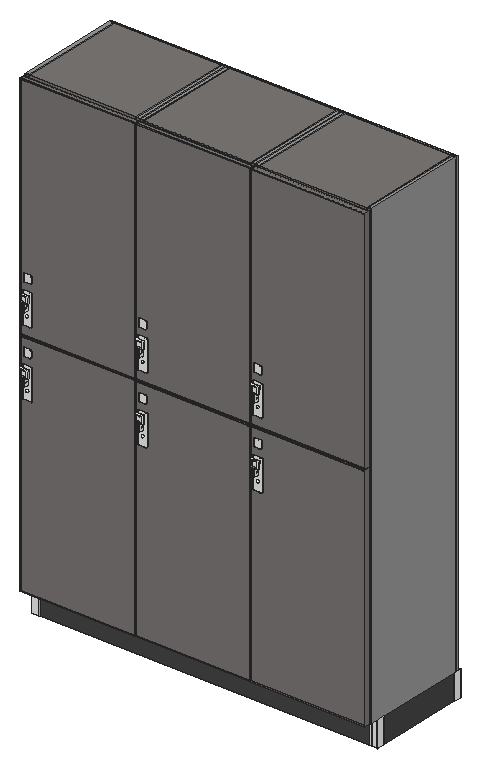
Revit family "Wood_Lockers_Hasps-Salsbury_Industries-18_42000_Series-3_Wide_Units.rfa", category Specialty Equipment, Revit 2016 (continued)
Definition of nested family "Wood Locker Flat Corner Fillers"
  Automatic sketch dimensions
    plane 6 "Front Side" to Extrusion 2 sketch curve = 0.000"
    Extrusion 2 sketch curve to plane 11 = 0.000"
    Extrusion 2 sketch curve to plane 4 "Right Side" = 0.000"
    Extrusion 2 sketch curve to plane 12 = 0.000"
    plane 7 "Back Side" to Extrusion 2 sketch curve = 0.000"
    Extrusion 1 sketch curve to plane 5 "Left Side" = 0.000"
    plane 7 "Back Side" to Extrusion 1 sketch curve = 0.000"
    Extrusion 1 sketch curve to plane 12 = 0.000"
    Extrusion 1 sketch curve to plane 4 "Right Side" = 0.000"
    plane 6 "Front Side" to Extrusion 1 sketch curve = 0.000"
    Extrusion 1 sketch curve to plane 11 = 0.000"
Definition of nested family "Wood Locker Side Panels-No Slope"
  Parameters (values of type "44237 - 6' H for 24"D Lockers")
    Width = 23.625"
    Visible = yes
    Version = "1.0 (12/15/23)"
    Type Comments = "Side Panel for Premier Wood Lockers without Sloping Hood"
    Model = "44237"
    Manufacturer = "Salsbury Industries"
    Laminate Surface = none
    Height = 72.000"
    Door Trim = none
    Description = "6' H for 21\" D Lockers"
    Depth = 0.750"
  Types (6): name | Width | Visible | Version | Type Comments | Model | Manufacturer | Description
    (no name) | 23.625" | yes | "1.0 (12/15/23)" | "Side Panel for Premier Wood Lockers without Sloping Hood" | "44237" | "Salsbury Industries" | "6' H for 21\" D Lockers"
    44330 - 6' H for 15"D Lockers | 14.625" | yes | "1.0 (12/15/23)" | "Side Panel for Premier Wood Lockers without Sloping Hood" | "44330" | "Salsbury Industries" | "6' H for 15\" D Lockers"
    44333 - 6' H for 18" D Lockers | 17.625" | yes | "1.0 (12/15/23)" | "Side Panel for Premier Wood Lockers withouth Sloping Hood" | "44333" | "Salsbury Industries" | "6' H for 18\" D Lockers"
    44335 - 6' H for 21" D Lockers | 20.625" | yes | "1.0 (12/15/23)" | "Side Panel for Premier Wood Lockers without Sloping Hood" | "44335" | "Salsbury Industries" | "6' H for 21\" D Lockers"
    None | 14.000" | no | "" | "" | "" | "" | ""
    44237 - 6' H for 24"D Lockers | 23.625" | yes | "1.0 (12/15/23)" | "Side Panel for Premier Wood Lockers without Sloping Hood" | "44237" | "Salsbury Industries" | "6' H for 21\" D Lockers"
  Reference planes (in)
    plane 1 "Center (Front/Back)": y = 0
    plane 2: z = 0
    plane 3 "Center (Left/Right)": x = 0
    plane 4 "Back": y = 0.375
    plane 5 "Front": y = -0.375
    plane 6 "Left Side": x = -11.8125
    plane 7 "Right Side": x = 11.8125
    plane 8 "Bottom": z = 0
    plane 9 "Top": z = 72
    plane 10 "Center Elevation": z = 36
    plane 11 "Wood - Laminate Edge": y = -0.344
    plane 12 "Right Side of Wood": x = 11.7815
    plane 13 "Left Side of Wood": x = -11.7815
    plane 14 "Top of Wood": z = 71.969
    plane 15 "Bottom of Wood": z = 0.031
  Forms (in)
    Extrusion 1, solid, visible <- "Visible"
      sketch origin (0, 0.375, 0) x (1, 0, 0) y (0, 0, 1)
        loop
          line (11.7815, 71.969) -> (-11.7815, 71.969) -> (-11.7815, 0.031) -> (11.7815, 0.031) -> (11.7815, 71.969)
      from 0 to 0.719
    Extrusion 2, solid, material <- "Laminate Surface", visible <- "Visible"
      sketch origin (0, -0.375, 0) x (1, 0, 0) y (0, 0, 1)
        loop
          line (-11.8125, 72) -> (-11.8125, 0) -> (11.8125, 0) -> (11.8125, 72) -> (-11.8125, 72)
      from -0.031 to 0
    Extrusion 3, solid, material <- "Laminate Surface", visible <- "Visible"
      sketch origin (0, 0, 0) x (1, 0, 0) y (0, 0, 1)
        loop
          line (-11.8125, 0) -> (11.8125, 0) -> (11.8125, 72) -> (-11.8125, 72) -> (-11.8125, 0)
        loop
          line (-11.7815, 0.031) -> (11.7815, 0.031) -> (11.7815, 71.969) -> (-11.7815, 71.969) -> (-11.7815, 0.031)
      from -0.375 to 0.344
  Dimensions and locks (in)
    equal spacing: plane 6 "Left Side", plane 3 "Center (Left/Right)", plane 7 "Right Side"
    plane 5 "Front" to plane 1 "Center (Front/Back)" to plane 4 "Back" = 0.375", 0.375"
    "Width": plane 6 "Left Side" to plane 7 "Right Side"
    "Depth": plane 5 "Front" to plane 4 "Back"
    equal spacing: plane 9 "Top", plane 10 "Center Elevation", plane 8 "Bottom"
    "Height": plane 9 "Top" to plane 8 "Bottom"
    locked: plane 5 "Front" to plane 11 "Wood - Laminate Edge" at 0.031
    locked: plane 15 "Bottom of Wood" to plane 8 "Bottom" at 0.031
    locked: plane 12 "Right Side of Wood" to plane 7 "Right Side" at 0.031
    locked: plane 6 "Left Side" to plane 13 "Left Side of Wood" at 0.031
    locked: plane 9 "Top" to plane 14 "Top of Wood" at 0.031
    aligned and locked: level to plane 2
    aligned and locked: Extrusion 2 sketch curve to plane 7 "Right Side"
    aligned and locked: plane 8 "Bottom" to Extrusion 2 sketch curve
    aligned and locked: plane 6 "Left Side" to Extrusion 2 sketch curve
    aligned and locked: plane 9 "Top" to Extrusion 2 sketch curve
    aligned and locked: Extrusion 3 to plane 4 "Back"
    aligned and locked: plane 11 "Wood - Laminate Edge" to Extrusion 3
  Automatic sketch dimensions
    plane 13 "Left Side of Wood" to Extrusion 1 sketch curve = 0.000"
    plane 12 "Right Side of Wood" to Extrusion 1 sketch curve = 0.000"
    Extrusion 1 sketch curve to plane 15 "Bottom of Wood" = 0.000"
    Extrusion 1 sketch curve to plane 14 "Top of Wood" = 0.000"
    plane 13 "Left Side of Wood" to Extrusion 3 sketch curve = 0.000"
    Extrusion 3 sketch curve to level = 0.000"
    plane 13 "Left Side of Wood" to Extrusion 3 sketch curve = 0.031"
    plane 12 "Right Side of Wood" to Extrusion 3 sketch curve = 0.000"
    plane 7 "Right Side" to Extrusion 3 sketch curve = 0.000"
    Extrusion 3 sketch curve to plane 15 "Bottom of Wood" = 0.000"
    Extrusion 3 sketch curve to plane 14 "Top of Wood" = 0.000"
    Extrusion 3 sketch curve to plane 9 "Top" = 0.000"
Definition of nested family "Wood Locker Side Panels-With Slope"
  Parameters (values of type "44238 - 6' H for 24" D Lockers")
    Width = 23.625"
    Visible = yes
    Version = "1.0 (12/15/23)"
    Type Comments = "Side Panel for Premier Wood Lockers with Sloping Hood"
    Slope Height = 8.608"
    Model = "44238"
    Manufacturer = "Salsbury Industries"
    Laminate Surface = none
    Height = 72.153"
    Door Trim = none
    Description = "6' H for 24\" D Lockers"
    Depth = 0.750"
  Types (6): name | Width | Visible | Version | Type Comments | Slope Height | Model | Manufacturer | Height | Description
    (no name) | 23.625" | yes | "1.0 (12/15/23)" | "Side Panel for Premier Wood Lockers with Sloping Hood" | 8.608" | "44238" | "Salsbury Industries" | 72.153" | "6' H for 24\" D Lockers"
    44334 - 6' H  for 18" D Lockers | 17.625" | yes | "1.0 (12/15/23)" | "Side Panel for Premier Wood Lockers with Sloping Hood" | 6.806" | "44334" | "Salsbury Industries" | 72.062" | "6' H for 18\" D Lockers"
    44336 - 6' H for 21" D Lockers | 20.625" | yes | "1.0 (12/15/23)" | "Side Panel for Premier Wood Lockers with Sloping Hood" | 7.931" | "44336" | "Salsbury Industries" | 72.062" | "6' H for 21\" D Lockers"
    None | 14.625" | no | "" | "" | 5.681" | "" | "" | 72.062" | ""
    44339 - 6' H for 15" D Lockers | 14.625" | yes | "1.0 (12/15/23)" | "Side Panel for Premier Wood Lockers with Sloping Hood" | 5.681" | "44339" | "Salsbury Industries" | 72.062" | "6' H for 15\" D Lockers"
    44238 - 6' H for 24" D Lockers | 23.625" | yes | "1.0 (12/15/23)" | "Side Panel for Premier Wood Lockers with Sloping Hood" | 8.608" | "44238" | "Salsbury Industries" | 72.153" | "6' H for 24\" D Lockers"
  Reference planes (in)
    plane 1 "Center (Front/Back)": y = 0
    plane 2: z = 0
    plane 3 "Center (Left/Right)": x = 0
    plane 4 "Back": y = 0.375
    plane 5 "Front": y = -0.375
    plane 6 "Left Side": x = -11.8125
    plane 7 "Right Side": x = 11.8125
    plane 8 "Bottom": z = 0
    plane 9 "Top": z = 72.153
    plane 10 "Center Elevation": z = 36.0765
    plane 11 "Wood - Laminate Edge": y = -0.344
    plane 12 "Right Side of Wood": x = 11.7815
    plane 13 "Left Side of Wood": x = -11.7815
    plane 14 "Top of Wood": z = 72.028
    plane 15 "Bottom of Wood": z = 0.031
    plane 16: z = 80.761
    plane 17: z = 80.636
  Forms (in)
    Extrusion 1, solid, visible <- "Visible"
      sketch origin (0, 0.375, 0) x (1, 0, 0) y (0, 0, 1)
        loop
          line (-11.8125, 80.73) -> (-11.8125, 0) -> (11.7815, 0) -> (11.7815, 72.13387) -> (-11.8125, 80.73)
      from 0 to 0.719
    Extrusion 2, solid, material <- "Laminate Surface", visible <- "Visible"
      sketch origin (0, -0.375, 0) x (1, 0, 0) y (0, 0, 1)
        loop
          line (-11.8125, 0) -> (11.8125, 0) -> (11.8125, 72.153) -> (-11.8125, 80.761) -> (-11.8125, 0)
      from -0.031 to 0
    Extrusion 3, solid, material <- "Laminate Surface", visible <- "Visible"
      sketch origin (0, -0.375, 0) x (1, 0, 0) y (0, 0, 1)
        loop
          line (11.8125, 0) -> (11.8125, 72.153) -> (-11.8125, 80.761) -> (-11.8125, 80.73) -> (11.7815, 72.13387) -> (11.7815, 0) -> (11.8125, 0)
      from -0.031 to -0.75
  Dimensions and locks (in)
    equal spacing: plane 6 "Left Side", plane 3 "Center (Left/Right)", plane 7 "Right Side"
    plane 5 "Front" to plane 1 "Center (Front/Back)" to plane 4 "Back" = 0.375", 0.375"
    "Width": plane 6 "Left Side" to plane 7 "Right Side"
    "Depth": plane 5 "Front" to plane 4 "Back"
    equal spacing: plane 9 "Top", plane 10 "Center Elevation", plane 8 "Bottom"
    "Height": plane 9 "Top" to plane 8 "Bottom"
    locked: plane 5 "Front" to plane 11 "Wood - Laminate Edge" at 0.031
    locked: plane 15 "Bottom of Wood" to plane 8 "Bottom" at 0.031
    locked: plane 12 "Right Side of Wood" to plane 7 "Right Side" at 0.031
    locked: plane 6 "Left Side" to plane 13 "Left Side of Wood" at 0.031
    locked: plane 9 "Top" to plane 14 "Top of Wood" at 0.125
    "Slope Height": plane 16 to plane 9 "Top"
    locked: plane 16 to plane 17 at 0.125
    aligned and locked: level to plane 2
    aligned and locked: Extrusion 3 to plane 4 "Back"
    aligned and locked: plane 11 "Wood - Laminate Edge" to Extrusion 3
  Automatic sketch dimensions
    plane 6 "Left Side" to Extrusion 2 sketch curve = 0.000"
    plane 7 "Right Side" to Extrusion 2 sketch curve = 0.000"
    Extrusion 2 sketch curve to level = 0.000"
    Extrusion 2 sketch curve to plane 9 "Top" = 0.000"
    Extrusion 2 sketch curve to plane 16 = 0.000"
    Extrusion 1 sketch curve to level = 0.000"
    plane 6 "Left Side" to Extrusion 1 sketch curve = 0.000"
    plane 12 "Right Side of Wood" to Extrusion 1 sketch curve = 0.000"
    plane 9 "Top" to Extrusion 1 sketch curve = 0.01913"
    plane 6 "Left Side" to Extrusion 3 sketch curve = 0.000"
    plane 12 "Right Side of Wood" to Extrusion 3 sketch curve = 0.000"
    plane 7 "Right Side" to Extrusion 3 sketch curve = 0.000"
    Extrusion 3 sketch curve to level = 0.000"
    Extrusion 3 sketch curve to plane 9 "Top" = 0.000"
    Extrusion 3 sketch curve to plane 16 = 0.000"
    plane 9 "Top" to Extrusion 3 sketch curve = 0.01913"
    plane 16 to Extrusion 3 sketch curve = 0.031"
    plane 16 to Extrusion 1 sketch curve = 0.031"
Definition of nested family "Wood Locker Double Side Panels-No Slope"
  Parameters (values of type "44237DE - 6' H for 24"D Lockers")
    Width = 47.250"
    Visible = yes
    Version = "1.0 (12/15/23)"
    Type Comments = "Double End Panel for Premier Wood Lockers"
    Model = "44237DE"
    Manufacturer = "Salsbury Industries"
    Laminate Surface = none
    Height = 72.000"
    Door Trim = none
    Description = "For 6' H x 21\" D without Sloping Hood"
    Depth = 0.750"
  Types (6): name | Width | Visible | Version | Type Comments | Model | Manufacturer | Description
    (no name) | 47.250" | yes | "1.0 (12/15/23)" | "Double End Panel for Premier Wood Lockers" | "44237DE" | "Salsbury Industries" | "For 6' H x 21\" D without Sloping Hood"
    44330DE - 6' H for 15"D Lockers | 29.250" | yes | "1.0 (12/15/23)" | "Double End Panel for Premier Wood Lockers" | "44330DE" | "Salsbury Industries" | "For 6' H x 15\" D without Sloping Hood"
    44333DE - 6' H for 18" D Lockers | 35.250" | yes | "1.0 (12/15/23)" | "Double End Panel for Premier Wood Lockers" | "44333DE" | "Salsbury Industries" | "For 6' H x 18\" D without Sloping Hood"
    44335DE - 6' H for 21" D Lockers | 41.250" | yes | "1.0 (12/15/23)" | "Double End Panel for Premier Wood Lockers" | "44335DE" | "Salsbury Industries" | "For 6' H x 21\" D without Sloping Hood"
    None | 14.000" | no | "" | "" | "" | "" | ""
    44237DE - 6' H for 24"D Lockers | 47.250" | yes | "1.0 (12/15/23)" | "Double End Panel for Premier Wood Lockers" | "44237DE" | "Salsbury Industries" | "For 6' H x 21\" D without Sloping Hood"
  Reference planes (in)
    plane 1 "Center (Front/Back)": y = 0
    plane 2: z = 0
    plane 3 "Center (Left/Right)": x = 0
    plane 4 "Back": y = 0.375
    plane 5 "Front": y = -0.375
    plane 6 "Left Side": x = -23.625
    plane 7 "Right Side": x = 23.625
    plane 8 "Bottom": z = 0
    plane 9 "Top": z = 72
    plane 10 "Center Elevation": z = 36
    plane 11 "Wood - Laminate Edge": y = -0.344
    plane 12 "Right Side of Wood": x = 23.594
    plane 13 "Left Side of Wood": x = -23.594
    plane 14 "Top of Wood": z = 71.969
    plane 15 "Bottom of Wood": z = 0.031
  Forms (in)
    Extrusion 1, solid, visible <- "Visible"
      sketch origin (0, 0.375, 0) x (1, 0, 0) y (0, 0, 1)
        loop
          line (23.594, 71.969) -> (-23.594, 71.969) -> (-23.594, 0.031) -> (23.594, 0.031) -> (23.594, 71.969)
      from 0 to 0.719
    Extrusion 2, solid, material <- "Laminate Surface", visible <- "Visible"
      sketch origin (0, -0.375, 0) x (1, 0, 0) y (0, 0, 1)
        loop
          line (-23.625, 72) -> (-23.625, 0) -> (23.625, 0) -> (23.625, 72) -> (-23.625, 72)
      from -0.031 to 0
    Extrusion 3, solid, material <- "Laminate Surface", visible <- "Visible"
      sketch origin (0, 0, 0) x (1, 0, 0) y (0, 0, 1)
        loop
          line (-23.625, 0) -> (23.625, 0) -> (23.625, 72) -> (-23.625, 72) -> (-23.625, 0)
        loop
          line (23.594, 71.969) -> (-23.594, 71.969) -> (-23.594, 0.031) -> (23.594, 0.031) -> (23.594, 71.969)
      from -0.375 to 0.344
  Dimensions and locks (in)
    equal spacing: plane 6 "Left Side", plane 3 "Center (Left/Right)", plane 7 "Right Side"
    plane 5 "Front" to plane 1 "Center (Front/Back)" to plane 4 "Back" = 0.375", 0.375"
    "Width": plane 6 "Left Side" to plane 7 "Right Side"
    "Depth": plane 5 "Front" to plane 4 "Back"
    equal spacing: plane 9 "Top", plane 10 "Center Elevation", plane 8 "Bottom"
    "Height": plane 9 "Top" to plane 8 "Bottom"
    locked: plane 5 "Front" to plane 11 "Wood - Laminate Edge" at 0.031
    locked: plane 15 "Bottom of Wood" to plane 8 "Bottom" at 0.031
    plane 12 "Right Side of Wood" to plane 7 "Right Side" = 0.031"
    locked: plane 6 "Left Side" to plane 13 "Left Side of Wood" at 0.031
    locked: plane 9 "Top" to plane 14 "Top of Wood" at 0.031
    aligned and locked: level to plane 2
    aligned and locked: Extrusion 2 sketch curve to plane 8 "Bottom"
    aligned and locked: plane 6 "Left Side" to Extrusion 2 sketch curve
    aligned and locked: Extrusion 2 sketch curve to plane 7 "Right Side"
    aligned and locked: Extrusion 2 sketch curve to plane 9 "Top"
    aligned and locked: Extrusion 3 to plane 4 "Back"
    aligned and locked: plane 11 "Wood - Laminate Edge" to Extrusion 3
  Automatic sketch dimensions
    plane 13 "Left Side of Wood" to Extrusion 1 sketch curve = 0.000"
    plane 12 "Right Side of Wood" to Extrusion 1 sketch curve = 0.000"
    Extrusion 1 sketch curve to plane 15 "Bottom of Wood" = 0.000"
    Extrusion 1 sketch curve to plane 14 "Top of Wood" = 0.000"
    Extrusion 3 sketch curve to level = 0.000"
    plane 6 "Left Side" to Extrusion 3 sketch curve = 0.000"
    plane 7 "Right Side" to Extrusion 3 sketch curve = 0.000"
    Extrusion 3 sketch curve to plane 9 "Top" = 0.000"
    plane 13 "Left Side of Wood" to Extrusion 3 sketch curve = 0.000"
    Extrusion 3 sketch curve to plane 15 "Bottom of Wood" = 0.000"
    Extrusion 3 sketch curve to plane 14 "Top of Wood" = 0.000"
    plane 12 "Right Side of Wood" to Extrusion 3 sketch curve = 0.000"
Definition of nested family "Wood Locker Double Side Panels-With Slope"
  Parameters (values of type "44238DE - 6' H for 24"D Lockers")
    Width = 47.250"
    Visible = yes
    Version = "1.0 (12/15/23)"
    Type Comments = "Double End Panel for Premier Wood Lockers"
    Slope Height = 8.895"
    Model = "442386DE"
    Manufacturer = "Salsbury Industries"
    Laminate Surface = none
    Height = 72.153"
    Door Trim = none
    Description = "For 6' H x 21\" D Lockers with Sloping Hood"
    Depth = 0.750"
  Types (6): name | Width | Visible | Version | Type Comments | Slope Height | Model | Manufacturer | Height | Description
    (no name) | 47.250" | yes | "1.0 (12/15/23)" | "Double End Panel for Premier Wood Lockers" | 8.895" | "442386DE" | "Salsbury Industries" | 72.153" | "For 6' H x 21\" D Lockers with Sloping Hood"
    44339DE - 6' H for 15"D Lockers | 29.250" | yes | "1.0 (12/15/23)" | "Double End Panel for Premier Wood Lockers" | 5.681" | "44339DE" | "Salsbury Industries" | 72.062" | "For 6' H x 15\" D Lockers with Sloping Hood"
    44334DE - 6' H  for 18" D Lockers | 35.250" | yes | "1.0 (12/15/23)" | "Double End Panel for Premier Wood Lockers" | 6.806" | "44334DE" | "Salsbury Industries" | 72.062" | "For 6' H x 18\" D Lockers with Sloping Hood"
    44336DE - 6' H for 21" D Lockers | 41.250" | yes | "1.0 (12/15/23)" | "Double End Panel for Premier Wood Lockers" | 7.931" | "44336DE" | "Salsbury Industries" | 72.062" | "For 6' H x 21\" D Lockers with Sloping Hood"
    None | 14.000" | no | "" | "" | 5.500" | "" | "" | 72.000" | ""
    44238DE - 6' H for 24"D Lockers | 47.250" | yes | "1.0 (12/15/23)" | "Double End Panel for Premier Wood Lockers" | 8.895" | "442386DE" | "Salsbury Industries" | 72.153" | "For 6' H x 21\" D Lockers with Sloping Hood"
  Reference planes (in)
    plane 1 "Center (Front/Back)": y = 0
    plane 2: z = 0
    plane 3 "Center (Left/Right)": x = 0
    plane 4 "Back": y = 0.375
    plane 5 "Front": y = -0.375
    plane 6 "Left Side": x = -23.625
    plane 7 "Right Side": x = 23.625
    plane 8 "Bottom": z = 0
    plane 9 "Top": z = 72.153
    plane 10 "Center Elevation": z = 36.0765
    plane 11 "Wood - Laminate Edge": y = -0.344
    plane 12 "Right Side of Wood": x = 23.594
    plane 13 "Left Side of Wood": x = -23.594
    plane 14 "Top of Wood": z = 72.028
    plane 15 "Bottom of Wood": z = 0.125
    plane 16: z = 81.048
    plane 17: z = 81.017
  Forms (in)
    Extrusion 1, solid, visible <- "Visible"
      sketch origin (0, 0.375, 0) x (1, 0, 0) y (0, 0, 1)
        loop
          line (23.594, 72.122) -> (0, 81.017) -> (-23.594, 72.122) -> (-23.594, 0) -> (23.594, 0) -> (23.594, 72.122)
      from 0 to 0.719
    Extrusion 2, solid, material <- "Laminate Surface", visible <- "Visible"
      sketch origin (0, -0.375, 0) x (1, 0, 0) y (0, 0, 1)
        loop
          line (23.625, 0) -> (23.625, 72.153) -> (0, 81.048) -> (-23.625, 72.153) -> (-23.625, 0) -> (23.625, 0)
      from -0.031 to 0
    Extrusion 3, solid, material <- "Laminate Surface", visible <- "Visible"
      sketch origin (0, 0.375, 0) x (1, 0, 0) y (0, 0, 1)
        loop
          line (23.625, 0) -> (23.625, 72.153) -> (0, 81.048) -> (-23.625, 72.153) -> (-23.625, 0) -> (-23.594, 0) -> (-23.594, 72.122) -> (0, 81.017) -> (23.594, 72.122) -> (23.594, 0) -> (23.625, 0)
      from 0 to 0.719
  Dimensions and locks (in)
    equal spacing: plane 6 "Left Side", plane 3 "Center (Left/Right)", plane 7 "Right Side"
    plane 5 "Front" to plane 1 "Center (Front/Back)" to plane 4 "Back" = 0.375", 0.375"
    "Width": plane 6 "Left Side" to plane 7 "Right Side"
    "Depth": plane 5 "Front" to plane 4 "Back"
    equal spacing: plane 9 "Top", plane 10 "Center Elevation", plane 8 "Bottom"
    "Height": plane 9 "Top" to plane 8 "Bottom"
    locked: plane 5 "Front" to plane 11 "Wood - Laminate Edge" at 0.031
    locked: plane 15 "Bottom of Wood" to plane 8 "Bottom" at 0.125
    locked: plane 12 "Right Side of Wood" to plane 7 "Right Side" at 0.031
    locked: plane 6 "Left Side" to plane 13 "Left Side of Wood" at 0.031
    locked: plane 9 "Top" to plane 14 "Top of Wood" at 0.125
    "Slope Height": plane 16 to plane 9 "Top"
    locked: plane 16 to plane 17 at 0.031
    aligned and locked: level to plane 2
    aligned and locked: Extrusion 3 to plane 4 "Back"
    aligned and locked: plane 11 "Wood - Laminate Edge" to Extrusion 3
  Automatic sketch dimensions
    plane 6 "Left Side" to Extrusion 2 sketch curve = 0.000"
    Extrusion 2 sketch curve to plane 3 "Center (Left/Right)" = 0.000"
    plane 7 "Right Side" to Extrusion 2 sketch curve = 0.000"
    Extrusion 2 sketch curve to level = 0.000"
    Extrusion 2 sketch curve to plane 9 "Top" = 0.000"  (x2)
    Extrusion 2 sketch curve to plane 16 = 0.000"
    Extrusion 1 sketch curve to level = 0.000"
    plane 13 "Left Side of Wood" to Extrusion 1 sketch curve = 0.000"
    Extrusion 1 sketch curve to plane 3 "Center (Left/Right)" = 0.000"
    plane 12 "Right Side of Wood" to Extrusion 1 sketch curve = 0.000"
    Extrusion 1 sketch curve to plane 17 = 0.000"
    plane 9 "Top" to Extrusion 1 sketch curve = 0.031"  (x2)
    Extrusion 3 sketch curve to level = 0.000"  (x2)
    plane 6 "Left Side" to Extrusion 3 sketch curve = 0.000"
    plane 13 "Left Side of Wood" to Extrusion 3 sketch curve = 0.000"
    Extrusion 3 sketch curve to plane 3 "Center (Left/Right)" = 0.000"  (x2)
    plane 12 "Right Side of Wood" to Extrusion 3 sketch curve = 0.000"
    plane 7 "Right Side" to Extrusion 3 sketch curve = 0.000"
    Extrusion 3 sketch curve to plane 9 "Top" = 0.000"  (x2)
    plane 9 "Top" to Extrusion 3 sketch curve = 0.031"  (x2)
    Extrusion 3 sketch curve to plane 17 = 0.000"
    Extrusion 3 sketch curve to plane 16 = 0.000"
Definition of nested family "Wood Locker Front Fillers"
  Parameters (values of type "44467 - 15" W for 6'H Lockers without Base")
    Width = 15.000"
    Visible Base = no
    Visible = yes
    Version = "1.0 (12/15/23)"
    Type Comments = "Front Vertical Filler for Premier Wood Lockers"
    Model = "44467"
    Manufacturer = "Salsbury Industries"
    Laminate Surface = none
    Height = 72.000"
    Description = "For 6' H Lockers"
    Depth = 0.750"
    Base Material = none
    Base Height = 0.000"
  Types (3): name | Width | Visible | Version | Type Comments | Model | Manufacturer | Description | Base Height
    None | 15.000" | no | "" | "" | "" | "" | "" | 4.000"
    44467 - 15" W for 6'H Lockers without Base | 15.000" | yes | "1.0 (12/15/23)" | "Front Vertical Filler for Premier Wood Lockers" | "44467" | "Salsbury Industries" | "For 6' H Lockers" | 0.000"
    44469 - 9" W for 6' H Lockers without Base | 9.000" | yes | "1.0 (12/15/23)" | "Front Vertical Filler for Premier Wood Lockers" | "44469" | "Salsbury Industries" | "For 6' H Lockers" | 0.000"
  Reference planes (in)
    plane 1 "Center (Front/Back)": y = 0
    plane 2: z = 0
    plane 3 "Center (Left/Right)": x = 0
    plane 4 "Back": y = 0.375
    plane 5 "Front": y = -0.375
    plane 6 "Left Side": x = -7.5
    plane 7 "Right Side": x = 7.5
    plane 8 "Bottom": z = 0
    plane 9 "Top": z = 72
    plane 10 "Center Elevation": z = 36
    plane 11 "Wood - Laminate Edge": y = -0.344
    plane 12 "Right Side of Wood": x = 7.375
    plane 13 "Left Side of Wood": x = -7.375
    plane 14 "Top of Wood": z = 71.875
    plane 15 "Bottom of Wood": z = 0.125
    plane 16 "Front of Base Filler": y = 1
  Forms (in)
    Extrusion 1, solid, visible <- "Visible"
      sketch origin (0, 0.375, 0) x (1, 0, 0) y (0, 0, 1)
        loop
          line (7.5, 72) -> (-7.5, 72) -> (-7.5, 0) -> (7.5, 0) -> (7.5, 72)
      from 0 to 0.719
    Extrusion 2, solid, material <- "Laminate Surface", visible <- "Visible"
      sketch origin (0, -0.375, 0) x (1, 0, 0) y (0, 0, 1)
        loop
          line (-7.5, 72) -> (-7.5, 0) -> (7.5, 0) -> (7.5, 72) -> (-7.5, 72)
      from -0.031 to 0
    Extrusion 3, solid, material <- "Base Material", visible <- "Visible Base"
      sketch origin (0, 0, 0) x (1, 0, 0) y (0, 1, 0)
        loop
          line (-7.5, 1.75) -> (-7.5, 0.375) -> (7.5, 0.375) -> (7.5, 1.75) -> (-7.5, 1.75)
      from 0 to 0.75
    Extrusion 4, solid, material <- "Base Material", visible <- "Visible Base"
      sketch origin (0, 0, 0) x (1, 0, 0) y (0, 1, 0)
        loop
          line (-7.5, 1.75) -> (-7.5, 1) -> (7.5, 1) -> (7.5, 1.75) -> (-7.5, 1.75)
      from 0 to -4
  Dimensions and locks (in)
    equal spacing: plane 6 "Left Side", plane 3 "Center (Left/Right)", plane 7 "Right Side"
    plane 5 "Front" to plane 1 "Center (Front/Back)" to plane 4 "Back" = 0.375", 0.375"
    "Width": plane 6 "Left Side" to plane 7 "Right Side"
    "Depth": plane 5 "Front" to plane 4 "Back"
    equal spacing: plane 9 "Top", plane 10 "Center Elevation", plane 8 "Bottom"
    locked: plane 5 "Front" to plane 11 "Wood - Laminate Edge" at 0.031
    locked: plane 15 "Bottom of Wood" to plane 8 "Bottom" at 0.125
    locked: plane 12 "Right Side of Wood" to plane 7 "Right Side" at 0.125
    locked: plane 6 "Left Side" to plane 13 "Left Side of Wood" at 0.125
    locked: plane 9 "Top" to plane 14 "Top of Wood" at 0.125
    locked: plane 5 "Front" to plane 16 "Front of Base Filler" at 1.375
    "Base Height": plane 8 "Bottom" to plane 2
    "Height": plane 9 "Top" to plane 8 "Bottom"
    aligned and locked: level to plane 2
    aligned and locked: plane 8 "Bottom" to Extrusion 1
  Automatic sketch dimensions
    plane 6 "Left Side" to Extrusion 1 sketch curve = 0.000"
    plane 7 "Right Side" to Extrusion 1 sketch curve = 0.000"
    level to Extrusion 1 sketch curve = 0.000"
    Extrusion 1 sketch curve to plane 9 "Top" = 0.000"
    plane 6 "Left Side" to Extrusion 2 sketch curve = 0.000"
    plane 7 "Right Side" to Extrusion 2 sketch curve = 0.000"
    plane 15 "Bottom of Wood" to Extrusion 2 sketch curve = 0.125"
    Extrusion 2 sketch curve to plane 9 "Top" = 0.000"
    plane 4 "Back" to Extrusion 3 sketch curve = 0.000"
    Extrusion 3 sketch curve to plane 6 "Left Side" = 0.000"
    Extrusion 3 sketch curve to plane 7 "Right Side" = 0.000"
    Extrusion 3 sketch curve to plane 16 "Front of Base Filler" = 0.750"
    Extrusion 4 sketch curve to plane 6 "Left Side" = 0.000"
    Extrusion 4 sketch curve to plane 7 "Right Side" = 0.000"
    plane 16 "Front of Base Filler" to Extrusion 4 sketch curve = 0.000"
    Extrusion 4 sketch curve to plane 16 "Front of Base Filler" = 0.750"
Definition of nested family "Wood Locker Front Corner Filler"
  Parameters (values of type "44464 - for 6' H Lockers with Base")
    Width = 2.250"
    Visible Base = yes
    Visible = yes
    Version = "1.0 (12/15/23)"
    Type Comments = "Front Vertical Corner Filler for Designer Wood Lockers"
    Primary Structure Materials = none
    Model = "44464"
    Manufacturer = "Salsbury Industries"
    Laminate Surface = none
    Height = 72.000"
    Description = "For 6' H Lockers"
    Depth = 0.750"
    Base Primary Materials = none
    Base Height = 4.000"
  Types (3): name | Visible Base | Visible | Version | Type Comments | Model | Manufacturer | Description | Base Height
    None | no | no | "" | "" | "" | "" | "" | 4.000"
    44464 - for 6'H Lockers without Base | no | yes | "1.0 (12/15/23)" | "Front Vertical Corner Filler for Designer Wood Lockers" | "44464" | "Salsbury Industries" | "For 6' H Lockers" | 0.000"
    44464 - for 6' H Lockers with Base | yes | yes | "1.0 (12/15/23)" | "Front Vertical Corner Filler for Designer Wood Lockers" | "44464" | "Salsbury Industries" | "For 6' H Lockers" | 4.000"
  Reference planes (in)
    plane 1 "Center (Front/Back)": y = 0
    plane 2 "Bottom of Base": z = 0
    plane 3 "Center (Left/Right)": x = 0
    plane 4 "Back": y = 0.375
    plane 5 "Front": y = -0.375
    plane 6 "Left Side": x = -1.125
    plane 7 "Right Side": x = 1.125
    plane 8 "Bottom": z = 4
    plane 9 "Top": z = 76
    plane 10 "Center Elevation": z = 40
    plane 11 "Wood - Laminate Edge": y = -0.344
    plane 12 "Right Side of Wood": x = 1
    plane 13 "Left Side of Wood": x = -1
    plane 14 "Top of Wood": z = 75.875
    plane 15 "Bottom of Wood": z = 4.125
    plane 16 "Front of Base Filler": y = 1
  Forms (in)
    Extrusion 1, solid, material <- "Primary Structure Materials", visible <- "Visible"
      sketch origin (0, 0.375, 0) x (1, 0, 0) y (0, 0, 1)
        loop
          line (1.125, 76) -> (-1.156, 76) -> (-1.156, 4) -> (1.125, 4) -> (1.125, 76)
      from 0 to 0.719
    Extrusion 2, solid, material <- "Laminate Surface", visible <- "Visible"
      sketch origin (0, -0.375, 0) x (1, 0, 0) y (0, 0, 1)
        loop
          line (-1.125, 76) -> (-1.125, 4) -> (1.125, 4) -> (1.125, 76) -> (-1.125, 76)
      from -0.031 to 0
    Extrusion 3, solid, material <- "Primary Structure Materials", visible <- "Visible"
      sketch origin (-1.875, -1.5, 0) x (0, 1, 0) y (0, 0, 1)
        loop
          line (1.875, 76) -> (-1.125, 76) -> (-1.125, 4) -> (1.875, 4) -> (1.875, 76)
      from 0 to 0.719
    Extrusion 4, solid, material <- "Laminate Surface", visible <- "Visible"
      sketch origin (-1.125, -1.5, 0) x (0, 1, 0) y (0, 0, 1)
        loop
          line (-1.125, 76) -> (-1.125, 4) -> (1.156, 4) -> (1.156, 76) -> (-1.125, 76)
      from -0.031 to 0
    Extrusion 5, solid, material <- "Base Primary Materials", visible <- "Visible Base"
      sketch origin (0, 0, 0) x (1, 0, 0) y (0, 1, 0)
        loop
          line (-3.25, 1.75) -> (-3.25, -2.625) -> (-1.875, -2.625) -> (-1.875, 1.75) -> (-3.25, 1.75)
      from 4 to 4.75
    Extrusion 6, solid, material <- "Base Primary Materials", visible <- "Visible Base"
      sketch origin (0, 0, 0) x (1, 0, 0) y (0, 1, 0)
        loop
          line (-1.875, 1.75) -> (-1.875, 0.375) -> (1.125, 0.375) -> (1.125, 1.75) -> (-1.875, 1.75)
      from 4 to 4.75
    Extrusion 7, solid, material <- "Base Primary Materials", visible <- "Visible Base"
      sketch origin (0, 0, 0) x (1, 0, 0) y (0, 1, 0)
        loop
          line (1.125, 1.75) -> (-2.43407, 1.75) -> (-2.43407, 1) -> (1.125, 1) -> (1.125, 1.75)
      from 0 to 4
    Extrusion 8, solid, material <- "Base Primary Materials", visible <- "Visible Base"
      sketch origin (0, 0, 0) x (1, 0, 0) y (0, 1, 0)
        loop
          line (-3.25, 1.75) -> (-3.25, -2.625) -> (-2.43407, -2.625) -> (-2.43407, 1.75) -> (-3.25, 1.75)
      from 0 to 4
  Dimensions and locks (in)
    equal spacing: plane 6 "Left Side", plane 3 "Center (Left/Right)", plane 7 "Right Side"
    plane 5 "Front" to plane 1 "Center (Front/Back)" to plane 4 "Back" = 0.375", 0.375"
    "Width": plane 6 "Left Side" to plane 7 "Right Side"
    "Depth": plane 5 "Front" to plane 4 "Back"
    equal spacing: plane 9 "Top", plane 10 "Center Elevation", plane 8 "Bottom"
    "Height": plane 9 "Top" to plane 8 "Bottom"
    locked: plane 5 "Front" to plane 11 "Wood - Laminate Edge" at 0.031
    locked: plane 15 "Bottom of Wood" to plane 8 "Bottom" at 0.125
    locked: plane 12 "Right Side of Wood" to plane 7 "Right Side" at 0.125
    locked: plane 6 "Left Side" to plane 13 "Left Side of Wood" at 0.125
    locked: plane 9 "Top" to plane 14 "Top of Wood" at 0.125
    locked: plane 5 "Front" to plane 16 "Front of Base Filler" at 1.375
    "Base Height": plane 8 "Bottom" to plane 2 "Bottom of Base"
    aligned and locked: level to plane 2 "Bottom of Base"
    aligned and locked: plane 8 "Bottom" to Extrusion 1
    aligned and locked: Extrusion 7 to Extrusion 5
    aligned and locked: Extrusion 8 to Extrusion 5
    aligned and locked: Extrusion 7 to Extrusion 8
  Automatic sketch dimensions
    Extrusion 1 sketch curve to plane 9 "Top" = 0.000"
    Extrusion 1 sketch curve to plane 8 "Bottom" = 0.000"
    plane 7 "Right Side" to Extrusion 1 sketch curve = 0.000"
    plane 6 "Left Side" to Extrusion 1 sketch curve = 0.031"
    plane 6 "Left Side" to Extrusion 2 sketch curve = 0.000"
    plane 7 "Right Side" to Extrusion 2 sketch curve = 0.000"
    Extrusion 2 sketch curve to plane 8 "Bottom" = 0.000"
    Extrusion 2 sketch curve to plane 9 "Top" = 0.000"
    plane 9 "Top" to Extrusion 3 sketch curve = 0.000"
    plane 8 "Bottom" to Extrusion 3 sketch curve = 0.000"
    Extrusion 3 sketch curve to plane 4 "Back" = 0.000"
    plane 5 "Front" to Extrusion 3 sketch curve = 2.250"
    plane 8 "Bottom" to Extrusion 4 sketch curve = 0.000"
    plane 9 "Top" to Extrusion 4 sketch curve = 0.000"
    Extrusion 4 sketch curve to plane 11 "Wood - Laminate Edge" = 0.000"
    plane 5 "Front" to Extrusion 4 sketch curve = 2.250"
    plane 6 "Left Side" to Extrusion 5 sketch curve = 2.125"
    plane 6 "Left Side" to Extrusion 5 sketch curve = 0.750"
    plane 5 "Front" to Extrusion 5 sketch curve = 2.250"
    Extrusion 5 sketch curve to plane 16 "Front of Base Filler" = 0.750"
    plane 16 "Front of Base Filler" to Extrusion 7 sketch curve = 0.000"
    Extrusion 7 sketch curve to plane 7 "Right Side" = 0.000"
    plane 6 "Left Side" to Extrusion 7 sketch curve = 1.30907"
    Extrusion 7 sketch curve to plane 16 "Front of Base Filler" = 0.750"
    plane 6 "Left Side" to Extrusion 8 sketch curve = 2.125"
    Extrusion 8 sketch curve to Extrusion 8 sketch curve = 0.81593"
    plane 5 "Front" to Extrusion 8 sketch curve = 2.250"
    Extrusion 8 sketch curve to plane 16 "Front of Base Filler" = 0.750"
    plane 4 "Back" to Extrusion 6 sketch curve = 0.000"
    Extrusion 6 sketch curve to plane 7 "Right Side" = 0.000"
    plane 6 "Left Side" to Extrusion 6 sketch curve = 0.750"
    Extrusion 6 sketch curve to plane 16 "Front of Base Filler" = 0.750"
Definition of nested family "Wood Locker Sloping In-Line Fillers"
  Parameters (values of type "44489 - 15" W for 24" D Lockers")
    Width = 15.000"
    Visible = yes
    Version = "1.0 (12/15/23)"
    Type Comments = "Sloping Hood In-Line Filler for Premier Wood Lockers"
    Model = "44489"
    Manufacturer = "Salsbury Industries"
    Laminate Surface = none
    Height = 9.118"
    Description = "For 24\" D Lockers"
    Depth = 23.625"
  Types (10): name | Width | Visible | Version | Type Comments | Model | Manufacturer | Height | Description | Depth
    (no name) | 15.000" | yes | "1.0 (12/15/23)" | "Sloping Hood In-Line Filler for Premier Wood Lockers" | "44489" | "Salsbury Industries" | 9.118" | "For 24\" D Lockers" | 23.625"
    44487 - 15" W for 15" D Lockers | 15.000" | yes | "1.0 (12/15/23)" | "Sloping Hood In-Line Filler for Premier Wood Lockers" | "44487" | "Salsbury Industries" | 5.743" | "For 15\" D Lockers" | 14.625"
    44488 - 15" W for 18" D Lockers | 15.000" | yes | "1.0 (12/15/23)" | "Sloping Hood In-Line Filler for Premier Wood Lockers" | "44488" | "Salsbury Industries" | 6.868" | "For 18\" D Lockers" | 17.625"
    44481 - 15" W for 21" D Lockers | 15.000" | yes | "1.0 (12/15/23)" | "Sloping Hood In-Line Filler for Premier Wood Lockers" | "44481" | "Salsbury Industries" | 7.993" | "For 21\" D Lockers" | 20.625"
    None | 12.000" | no | "" | "" | "" | "" | 5.500" | "" | 14.000"
    44489 - 15" W for 24" D Lockers | 15.000" | yes | "1.0 (12/15/23)" | "Sloping Hood In-Line Filler for Premier Wood Lockers" | "44489" | "Salsbury Industries" | 9.118" | "For 24\" D Lockers" | 23.625"
    44488 - 9" W for 18" D Lockers | 9.000" | yes | "1.0 (12/15/23)" | "Sloping Hood In-Line Filler for Premier Wood Lockers" | "44488" | "Salsbury Industries" | 6.868" | "For 18\" D Lockers" | 17.625"
    44487 - 9" W for 15" D Lockers | 9.000" | yes | "1.0 (12/15/23)" | "Sloping Hood In-Line Filler for Premier Wood Lockers" | "44487" | "Salsbury Industries" | 5.743" | "For 15\" D Lockers" | 14.625"
    44481 - 9" W for 21" D Lockers | 9.000" | yes | "1.0 (12/15/23)" | "Sloping Hood In-Line Filler for Premier Wood Lockers" | "44481" | "Salsbury Industries" | 7.993" | "For 21\" D Lockers" | 20.625"
    44489 - 9" W for 24" D Lockers | 9.000" | yes | "1.0 (12/15/23)" | "Sloping Hood In-Line Filler for Premier Wood Lockers" | "44489" | "Salsbury Industries" | 9.118" | "For 24\" D Lockers" | 23.625"
  Reference planes (in)
    plane 1 "Center (Front/Back)": y = 0
    plane 2: z = 0
    plane 3 "Center (Left/Right)": x = 0
    plane 4 "Front of Hood": y = -11.8125
    plane 5 "Back of Hood": y = 11.8125
    plane 6 "Right Side of Hood": x = 7.5
    plane 7 "Left Side of Hood": x = -7.5
    plane 8 "Bottom of Hood": z = 0
    plane 9 "Top of Hood": z = 9.118
    plane 10: x = 6.75
    plane 11: x = -6.75
    plane 12: y = -11.7815
    plane 13: y = -11.0625
    plane 14: z = 9.087
    plane 15: z = 8.368
    plane 16: z = 0.062
    plane 17: z = 0.75
  Forms (in)
    Extrusion 1, solid, visible <- "Visible"
      sketch origin (0, 0, 0) x (0, 1, 0) y (0, 0, 1)
        loop
          line (-9.97273, 0) -> (11.8125, 8.368) -> (11.8125, 9.087) -> (-11.73269, 0.062) -> (-11.7815, 0.062) -> (-11.7815, 0) -> (-9.97273, 0)
      from -7.5 to 7.5
    Extrusion 2, solid, material <- "Laminate Surface", visible <- "Visible"
      sketch origin (0, 0, 0) x (0, 1, 0) y (0, 0, 1)
        loop
          line (-11.8125, 0.062) -> (-11.8125, 0) -> (-11.7815, 0) -> (-11.7815, 0.062) -> (-11.8125, 0.062)
      from -7.5 to 7.5
    Extrusion 3, solid, material <- "Laminate Surface", visible <- "Visible"
      sketch origin (0, 0, 0) x (0, 1, 0) y (0, 0, 1)
        loop
          line (11.8125, 9.118) -> (-11.8125, 0.062) -> (-11.73269, 0.062) -> (11.8125, 9.087) -> (11.8125, 9.118)
      from -7.5 to 7.5
  Dimensions and locks (in)
    equal spacing: plane 7 "Left Side of Hood", plane 3 "Center (Left/Right)", plane 6 "Right Side of Hood"
    "Width": plane 7 "Left Side of Hood" to plane 6 "Right Side of Hood"
    equal spacing: plane 4 "Front of Hood", plane 1 "Center (Front/Back)", plane 5 "Back of Hood"
    "Depth": plane 4 "Front of Hood" to plane 5 "Back of Hood"
    "Height": plane 9 "Top of Hood" to plane 8 "Bottom of Hood"
    plane 7 "Left Side of Hood" to plane 11 = 0.750"
    plane 10 to plane 6 "Right Side of Hood" = 0.750"
    plane 4 "Front of Hood" to plane 12 to plane 13 = 0.031" locked, 0.719" locked
    plane 15 to plane 14 to plane 9 "Top of Hood" = 0.719" locked, 0.031" locked
    locked: plane 16 to plane 8 "Bottom of Hood" at 0.062
    locked: plane 17 to plane 8 "Bottom of Hood" at 0.75
    aligned and locked: level to plane 2
    aligned and locked: Extrusion 1 to plane 6 "Right Side of Hood"
    aligned and locked: plane 7 "Left Side of Hood" to Extrusion 1
    aligned and locked: plane 7 "Left Side of Hood" to Extrusion 3
    aligned and locked: Extrusion 3 to plane 6 "Right Side of Hood"
    aligned and locked: Extrusion 2 to plane 6 "Right Side of Hood"
    aligned and locked: plane 7 "Left Side of Hood" to Extrusion 2
  Automatic sketch dimensions
    Extrusion 2 sketch curve to level = 0.000"
    Extrusion 2 sketch curve to plane 4 "Front of Hood" = 0.000"
    Extrusion 2 sketch curve to plane 12 = 0.000"
    plane 16 to Extrusion 2 sketch curve = 0.000"
    Extrusion 3 sketch curve to plane 4 "Front of Hood" = 0.000"
    plane 16 to Extrusion 3 sketch curve = 0.000"
    Extrusion 3 sketch curve to plane 5 "Back of Hood" = 0.000"
    plane 14 to Extrusion 3 sketch curve = 0.000"
    plane 9 "Top of Hood" to Extrusion 3 sketch curve = 0.000"
    Extrusion 3 sketch curve to plane 12 = 0.04881"
    Extrusion 1 sketch curve to level = 0.000"
    Extrusion 1 sketch curve to plane 12 = 0.000"
    plane 16 to Extrusion 1 sketch curve = 0.000"
    Extrusion 1 sketch curve to plane 5 "Back of Hood" = 0.000"
    plane 15 to Extrusion 1 sketch curve = 0.000"
    plane 14 to Extrusion 1 sketch curve = 0.000"
    Extrusion 1 sketch curve to plane 13 = 1.08977"
    Extrusion 1 sketch curve to plane 12 = 0.04881"
Definition of nested family "Wood Locker Flat In-Line Fillers"
  Parameters (values of type "44448 - 15" W for 18" D Lockers")
    Width = 15.000"
    Visible = yes
    Version = "1.0 (12/15/23)"
    Type Comments = "Flat Top In-Line Filler for Premier Wood Lockers"
    Model = "44448"
    Manufacturer = "Salsbury Industries"
    Laminate Surface = none
    Height = 0.750"
    Description = "For 18\" D Lockers"
    Depth = 16.875"
  Types (10): name | Width | Visible | Version | Type Comments | Model | Manufacturer | Description | Depth
    (no name) | 15.000" | yes | "1.0 (12/15/23)" | "Flat Top In-Line Filler for Premier Wood Lockers" | "44448" | "Salsbury Industries" | "For 18\" D Lockers" | 16.875"
    44447 - 15" W for 15" D Lockers | 15.000" | yes | "1.0 (12/15/23)" | "Flat Top In-Line Filler for Premier Wood Lockers" | "44447" | "Salsbury Industries" | "For 15\" D Lockers" | 13.875"
    44448 - 15" W for 18" D Lockers | 15.000" | yes | "1.0 (12/15/23)" | "Flat Top In-Line Filler for Premier Wood Lockers" | "44448" | "Salsbury Industries" | "For 18\" D Lockers" | 16.875"
    44441 - 15" W for 21" D Lockers | 15.000" | yes | "1.0 (12/15/23)" | "Flat Top In-Line Filler for Premier Wood Lockers" | "44441" | "Salsbury Industries" | "For 21\" D Lockers" | 19.875"
    None | 15.000" | no | "" | "" | "" | "" | "" | 13.250"
    44448 - 9" W for 18" D Lockers | 9.000" | yes | "1.0 (12/15/23)" | "Flat Top In-Line Filler for Premier Wood Lockers" | "44448" | "Salsbury Industries" | "For 18\" D Lockers" | 16.875"
    44447 - 9" W for 15" D Lockers | 9.000" | yes | "1.0 (12/15/23)" | "Flat Top In-Line Filler for Premier Wood Lockers" | "44447" | "Salsbury Industries" | "For 15\" D Lockers" | 13.875"
    44441 - 9" W for 21" D Lockers | 9.000" | yes | "1.0 (12/15/23)" | "Flat Top In-Line Filler for Premier Wood Lockers" | "44441" | "Salsbury Industries" | "For 21\" D Lockers" | 19.875"
    44449 - 15" W for 24" D Lockers | 15.000" | yes | "1.0 (12/15/23)" | "Flat Top In-Line Filler for Premier Wood Lockers" | "44449" | "Salsbury Industries" | "For 24\" D Lockers" | 22.875"
    44449 - 9" W for 24" D Lockers | 9.000" | yes | "1.0 (12/15/23)" | "Flat Top In-Line Filler for Premier Wood Lockers" | "44449" | "Salsbury Industries" | "For 24\" D Lockers" | 22.875"
  Reference planes (in)
    plane 1 "Center (Front/Back)": y = 0
    plane 2: z = 0
    plane 3 "Center (Left/Right)": x = 0
    plane 4 "Right Side": x = 7.5
    plane 5 "Left Side": x = -7.5
    plane 6 "Front Side": y = -8.4375
    plane 7 "Back Side": y = 8.4375
    plane 8 "Bottom": z = 0
    plane 9 "Top Side": z = 0.75
    plane 10 "Wood - Laminate Line": z = 0.719
  Forms (in)
    Extrusion 1, solid, visible <- "Visible"
      sketch origin (0, 0, 0) x (0, -1, 0) y (1, 0, 0)
        loop
          line (-8.4375, -7.5) -> (8.4375, -7.5) -> (8.4375, 7.5) -> (-8.4375, 7.5) -> (-8.4375, -7.5)
      from 0 to 0.719
    Extrusion 2, solid, material <- "Laminate Surface", visible <- "Visible"
      sketch origin (0, 0, 0.75) x (1, 0, 0) y (0, 1, 0)
        loop
          line (-7.5, -8.4375) -> (7.5, -8.4375) -> (7.5, 8.4375) -> (-7.5, 8.4375) -> (-7.5, -8.4375)
      from -0.031 to 0
  Dimensions and locks (in)
    equal spacing: plane 6 "Front Side", plane 1 "Center (Front/Back)", plane 7 "Back Side"
    equal spacing: plane 5 "Left Side", plane 3 "Center (Left/Right)", plane 4 "Right Side"
    "Width": plane 5 "Left Side" to plane 4 "Right Side"
    "Depth": plane 6 "Front Side" to plane 7 "Back Side"
    "Height": plane 9 "Top Side" to plane 8 "Bottom"
    locked: plane 9 "Top Side" to plane 10 "Wood - Laminate Line" at 0.031
    aligned and locked: level to plane 2
  Automatic sketch dimensions
    Extrusion 1 sketch curve to plane 4 "Right Side" = 0.000"
    plane 7 "Back Side" to Extrusion 1 sketch curve = 0.000"
    Extrusion 1 sketch curve to plane 5 "Left Side" = 0.000"
    plane 6 "Front Side" to Extrusion 1 sketch curve = 0.000"
    Extrusion 2 sketch curve to plane 5 "Left Side" = 0.000"
    plane 4 "Right Side" to Extrusion 2 sketch curve = 0.000"
    plane 6 "Front Side" to Extrusion 2 sketch curve = 0.000"
    Extrusion 2 sketch curve to plane 7 "Back Side" = 0.000"
Definition of nested family "Wood Locker Fascia Fillers"
  Parameters (values of type "44462 - for 3-Wide Units")
    Width = 36.000"
    Visible = yes
    Type Comments = "Front Fascia Filler for Premier Wood Lockers"
    Model = "44462"
    Manufacturer = "Salsbury Industries"
    Laminate Surface = none
    Height = 4.000"
    Description = "4' W for Standard Designer Lockers"
    Depth = 0.750"
  Types (4): name | Width | Visible | Type Comments | Model | Manufacturer | Description
    (no name) | 36.000" | yes | "Front Fascia Filler for Premier Wood Lockers" | "44462" | "Salsbury Industries" | "4' W for Standard Designer Lockers"
    44462 - for 1-Wide Units | 12.000" | yes | "Front Fascia Filler for Premier Wood Lockers" | "44462" | "Salsbury Industries" | "4' W for Standard Designer Lockers"
    None | 12.000" | no | "" | "" | "" | ""
    44462 - for 3-Wide Units | 36.000" | yes | "Front Fascia Filler for Premier Wood Lockers" | "44462" | "Salsbury Industries" | "4' W for Standard Designer Lockers"
  Reference planes (in)
    plane 1 "Center (Front/Back)": y = 0
    plane 2: z = 0
    plane 3 "Center (Left/Right)": x = 0
    plane 4 "Back": y = 0.375
    plane 5 "Front": y = -0.375
    plane 6 "Left Side": x = -18
    plane 7 "Right Side": x = 18
    plane 8 "Bottom": z = 0
    plane 9 "Top": z = 4
    plane 10 "Center Elevation": z = 2
    plane 11 "Wood - Laminate Edge": y = -0.344
    plane 12 "Right Side of Wood": x = 17.875
    plane 13 "Left Side of Wood": x = -17.875
    plane 14 "Top of Wood": z = 3.875
    plane 15 "Bottom of Wood": z = 0.125
    plane 16 "Base Bottom": z = 0
    plane 17 "Front of Base Filler": y = 1
  Forms (in)
    Extrusion 1, solid, visible <- "Visible"
      sketch origin (0, 0.375, 0) x (1, 0, 0) y (0, 0, 1)
        loop
          line (18, 4) -> (-18, 4) -> (-18, 0) -> (18, 0) -> (18, 4)
      from 0 to 0.719
    Extrusion 2, solid, material <- "Laminate Surface", visible <- "Visible"
      sketch origin (0, -0.375, 0) x (1, 0, 0) y (0, 0, 1)
        loop
          line (-18, 4) -> (-18, 0) -> (18, 0) -> (18, 4) -> (-18, 4)
      from -0.031 to 0
  Dimensions and locks (in)
    equal spacing: plane 6 "Left Side", plane 3 "Center (Left/Right)", plane 7 "Right Side"
    plane 5 "Front" to plane 1 "Center (Front/Back)" to plane 4 "Back" = 0.375", 0.375"
    "Width": plane 6 "Left Side" to plane 7 "Right Side"
    "Depth": plane 5 "Front" to plane 4 "Back"
    equal spacing: plane 9 "Top", plane 10 "Center Elevation", plane 8 "Bottom"
    "Height": plane 9 "Top" to plane 8 "Bottom"
    locked: plane 5 "Front" to plane 11 "Wood - Laminate Edge" at 0.031
    locked: plane 15 "Bottom of Wood" to plane 8 "Bottom" at 0.125
    locked: plane 12 "Right Side of Wood" to plane 7 "Right Side" at 0.125
    locked: plane 6 "Left Side" to plane 13 "Left Side of Wood" at 0.125
    locked: plane 9 "Top" to plane 14 "Top of Wood" at 0.125
    locked: plane 5 "Front" to plane 17 "Front of Base Filler" at 1.375
    aligned and locked: level to plane 2
    aligned and locked: Extrusion 1 to plane 8 "Bottom"
  Automatic sketch dimensions
    plane 6 "Left Side" to Extrusion 1 sketch curve = 0.000"
    plane 7 "Right Side" to Extrusion 1 sketch curve = 0.000"
    level to Extrusion 1 sketch curve = 0.000"
    Extrusion 1 sketch curve to plane 9 "Top" = 0.000"
    plane 6 "Left Side" to Extrusion 2 sketch curve = 0.000"
    plane 7 "Right Side" to Extrusion 2 sketch curve = 0.000"
    plane 15 "Bottom of Wood" to Extrusion 2 sketch curve = 0.125"
    Extrusion 2 sketch curve to plane 9 "Top" = 0.000"
Definition of nested family "Wood Locker Sloping Hoods"
  Parameters (values of type "44253 - for 18" Deep Lockers (3 Wide)")
    Width = 45.000"
    Visible = yes
    Version = "1.0 (12/15/23)"
    Type Comments = "Sloping Hood for 15\" Wide Premier Wood Lockers"
    Model = "44253"
    Manufacturer = "Salsbury Industries"
    Laminate Surface = none
    Height = 6.868"
    Description = "For 18\" D - 3 Wide Lockers"
    Depth = 17.625"
  Types (20): name | Width | Visible | Version | Type Comments | Model | Manufacturer | Height | Description | Depth
    (no name) | 45.000" | yes | "1.0 (12/15/23)" | "Sloping Hood for 15\" Wide Premier Wood Lockers" | "44253" | "Salsbury Industries" | 6.868" | "For 18\" D - 3 Wide Lockers" | 17.625"
    44357 - for 15" Deep Lockers (1 Wide) | 12.000" | yes | "1.0 (12/15/23)" | "Sloping Hood for Premier Wood Lockers" | "44357" | "Salsbury Industries" | 5.743" | "For 15\" D - 1 Wide Lockers" | 14.625"
    44353 - for 18" Deep Lockers (1 Wide) | 12.000" | yes | "1.0 (12/15/23)" | "Sloping Hood for Premier Wood Lockers" | "44353" | "Salsbury Industries" | 6.868" | "For 18\" D - 1 Wide Lockers" | 17.625"
    44352 - for 21" Deep Lockers (1 Wide) | 12.000" | yes | "1.0 (12/15/23)" | "Sloping Hood for Premier Wood Lockers" | "44352" | "Salsbury Industries" | 7.993" | "For 21\" D - 1 Wide Lockers" | 20.625"
    44359 - for 15" Deep Lockers (3 Wide) | 36.000" | yes | "1.0 (12/15/23)" | "Sloping Hood for Premier Wood Lockers" | "44359" | "Salsbury Industries" | 5.743" | "For 15\" D - 3 Wide Lockers" | 14.625"
    44356 - for 18" Deep Lockers (3 Wide) | 36.000" | yes | "1.0 (12/15/23)" | "Sloping Hood for Premier Wood Lockers" | "44356" | "Salsbury Industries" | 6.868" | "For 18\" D - 3 Wide Lockers" | 17.625"
    44354 - for 21" Deep Lockers (3 Wide) | 36.000" | yes | "1.0 (12/15/23)" | "Sloping Hood for Premier Wood Lockers" | "44354" | "Salsbury Industries" | 7.993" | "For 21\" D - 3 Wide Lockers" | 20.625"
    44255 - for 24" Deep Lockers (1 Wide) | 15.000" | yes | "1.0 (12/15/23)" | "Sloping Hood for Premier Wood Lockers" | "44255" | "Salsbury Industries" | 9.118" | "For 24\" D - 1 Wood Lockers" | 23.625"
    44257 - for 24" Deep Lockers (3 Wide) | 45.000" | yes | "1.0 (12/15/23)" | "Sloping Hood for Premier Wod Lockers" | "44257" | "Salsbury Industries" | 9.118" | "For 24\" D - 3 Wide Lockers" | 23.625"
    44252 - for 21" Deep Lockers (1 Wide) | 15.000" | yes | "1.0 (12/15/23)" | "Sloping Hood for 15\" Wide Premier Wood Lockers" | "44252" | "Salsbury Industries" | 7.993" | "For 21\" D - 1 Wide Lockers" | 20.625"
    44254 - for 21" Deep Lockers (3 Wide) | 45.000" | yes | "1.0 (12/15/23)" | "Sloping Hood for 15\" Wide Premier Wood Lockers" | "44254" | "Salsbury Industries" | 7.993" | "For 21\" D - 3 Wide Lockers" | 20.625"
    44251 - for 18" Deep Lockers (1 Wide) | 15.000" | yes | "1.0 (12/15/23)" | "Sloping Hood for 15\"Wide Premier Wood Lockers" | "44251" | "Salsbury Industries" | 6.868" | "For 18\" D - 1 Wide Lockers" | 17.625"
    44253 - for 18" Deep Lockers (3 Wide) | 45.000" | yes | "1.0 (12/15/23)" | "Sloping Hood for 15\" Wide Premier Wood Lockers" | "44253" | "Salsbury Industries" | 6.868" | "For 18\" D - 3 Wide Lockers" | 17.625"
    None | 12.000" | no | "" | "" | "" | "" | 5.743" | "" | 14.625"
    44818 - for 18" Deep Lockers (1 Wide) | 18.000" | yes | "1.0 (12/15/23)" | "Sloping Hood for Premier Wood Lockers" | "44818" | "Salsbury Industries" | 6.868" | "For 18\" D - 1 Wide Lockers" | 17.625"
    44811 - for 21" Deep Lockers (1 Wide) | 18.000" | yes | "1.0 (12/15/23)" | "Sloping Hood for Premier Wood Lockers" | "44811" | "Salsbury Industries" | 7.993" | "For 21\" D - 1 Wide Lockers" | 20.625"
    44814 - for 24" Deep Lockers (1 Wide) | 18.000" | yes | "1.0 (12/15/23)" | "Sloping Hood for Premier Wood Lockers" | "44814" | "Salsbury Industries" | 9.118" | "For 24\" D - 1 Wide Lockers" | 23.625"
    44838 - for 18" Deep Lockers (3 Wide) | 54.000" | yes | "1.0 (12/15/23)" | "Sloping Hood for Premier Wood Lockers" | "44838" | "Salsbury Industries" | 6.868" | "For 18\" D - 3 Wide Lockers" | 17.625"
    44831 - for 21" Deep Lockers (3 Wide) | 54.000" | yes | "1.0 (12/15/23)" | "Sloping Hood for Premier Wood Lockers" | "44831" | "Salsbury Industries" | 7.993" | "For 21\" D - 3 Wide Lockers" | 20.625"
    44834 - for 24" Deep Lockers (3 Wide) | 54.000" | yes | "1.0 (12/15/23)" | "Sloping Hood for Premier Wood Lockers" | "834" | "Salsbury Industries" | 9.118" | "For 24\" D - 3 Wide Lockers" | 23.625"
  Reference planes (in)
    plane 1 "Center (Front/Back)": y = 0
    plane 2: z = 0
    plane 3 "Center (Left/Right)": x = 0
    plane 4 "Front of Hood": y = -8.8125
    plane 5 "Back of Hood": y = 8.8125
    plane 6 "Right Side of Hood": x = 22.5
    plane 7 "Left Side of Hood": x = -22.5
    plane 8 "Bottom of Hood": z = 0
    plane 9 "Top of Hood": z = 6.868
    plane 10: x = 21.75
    plane 11: x = -21.75
    plane 12: y = -8.7815
    plane 13: y = -8.0625
    plane 14: z = 6.837
    plane 15: z = 6.118
    plane 16: z = 0.062
    plane 17: z = 0.75
  Forms (in)
    Extrusion 1, solid, visible <- "Visible"
      sketch origin (22.5, 0.37227, 0) x (0, -1, 0) y (0, 0, 1)
        loop
          line (-0.25474, 2.94549) -> (-0.25474, 0) -> (0.37227, 0) -> (0.37227, 2.70247) -> (-0.25474, 2.94549)
      from 0 to 45
    Extrusion 2, solid, visible <- "Visible"
      sketch origin (0, 0, 0) x (0, 1, 0) y (0, 0, 1)
        loop
          line (-6.97273, 0) -> (8.8125, 6.118) -> (8.8125, 6.837) -> (-8.73269, 0.062) -> (-8.7815, 0.062) -> (-8.7815, 0) -> (-6.97273, 0)
      from -22.5 to 22.5
    Extrusion 3, solid, material <- "Laminate Surface", visible <- "Visible"
      sketch origin (0, 0, 0) x (0, 1, 0) y (0, 0, 1)
        loop
          line (-8.8125, 0.062) -> (-8.8125, 0) -> (-8.7815, 0) -> (-8.7815, 0.062) -> (-8.8125, 0.062)
      from -22.5 to 22.5
    Extrusion 4, solid, material <- "Laminate Surface", visible <- "Visible"
      sketch origin (0, 0, 0) x (0, 1, 0) y (0, 0, 1)
        loop
          line (8.8125, 6.868) -> (-8.8125, 0.062) -> (-8.73269, 0.062) -> (8.8125, 6.837) -> (8.8125, 6.868)
      from -22.5 to 22.5
  Dimensions and locks (in)
    equal spacing: plane 7 "Left Side of Hood", plane 3 "Center (Left/Right)", plane 6 "Right Side of Hood"
    "Width": plane 7 "Left Side of Hood" to plane 6 "Right Side of Hood"
    equal spacing: plane 4 "Front of Hood", plane 1 "Center (Front/Back)", plane 5 "Back of Hood"
    "Depth": plane 4 "Front of Hood" to plane 5 "Back of Hood"
    "Height": plane 9 "Top of Hood" to plane 8 "Bottom of Hood"
    plane 7 "Left Side of Hood" to plane 11 = 0.750"
    plane 10 to plane 6 "Right Side of Hood" = 0.750"
    plane 4 "Front of Hood" to plane 12 to plane 13 = 0.031" locked, 0.719" locked
    plane 15 to plane 14 to plane 9 "Top of Hood" = 0.719" locked, 0.031" locked
    locked: plane 16 to plane 8 "Bottom of Hood" at 0.062
    locked: plane 17 to plane 8 "Bottom of Hood" at 0.75
    aligned and locked: level to plane 2
    aligned and locked: Extrusion 2 to plane 6 "Right Side of Hood"
    aligned and locked: plane 7 "Left Side of Hood" to Extrusion 2
    aligned and locked: plane 7 "Left Side of Hood" to Extrusion 4
    aligned and locked: Extrusion 4 to plane 6 "Right Side of Hood"
    aligned and locked: Extrusion 3 to plane 6 "Right Side of Hood"
    aligned and locked: plane 7 "Left Side of Hood" to Extrusion 3
    aligned and locked: Extrusion 2 to Extrusion 1 sketch curve
    aligned and locked: plane 7 "Left Side of Hood" to Extrusion 1
    aligned and locked: Extrusion 1 to plane 6 "Right Side of Hood"
  Automatic sketch dimensions
    Extrusion 3 sketch curve to level = 0.000"
    Extrusion 3 sketch curve to plane 4 "Front of Hood" = 0.000"
    Extrusion 3 sketch curve to plane 12 = 0.000"
    plane 16 to Extrusion 3 sketch curve = 0.000"
    Extrusion 4 sketch curve to plane 4 "Front of Hood" = 0.000"
    plane 16 to Extrusion 4 sketch curve = 0.000"
    Extrusion 4 sketch curve to plane 5 "Back of Hood" = 0.000"
    plane 14 to Extrusion 4 sketch curve = 0.000"
    plane 9 "Top of Hood" to Extrusion 4 sketch curve = 0.000"
    Extrusion 4 sketch curve to plane 12 = 0.04881"
    Extrusion 2 sketch curve to level = 0.000"
    Extrusion 2 sketch curve to plane 12 = 0.000"
    plane 16 to Extrusion 2 sketch curve = 0.000"
    Extrusion 2 sketch curve to plane 5 "Back of Hood" = 0.000"
    plane 15 to Extrusion 2 sketch curve = 0.000"
    plane 14 to Extrusion 2 sketch curve = 0.000"
    Extrusion 2 sketch curve to plane 13 = 1.08977"
    Extrusion 2 sketch curve to plane 12 = 0.04881"
    Extrusion 1 sketch curve to level = 0.000"
    Extrusion 1 sketch curve to plane 1 "Center (Front/Back)" = 0.000"
    Extrusion 1 sketch curve to Extrusion 1 sketch curve = 0.24302"
Types (7): name | Unit Height including Sloping Hood Only | Unit Height including Base Only | Sloping Hood Height | Overall Unit Height including Base and Sloping Hood | Model | Flat Top In-Line Filler - Right Side | Description | Depth | Compartment Depth | Base Height | Base Depth | Base
  (no name) | 78.868" | 76.000" | 6.868" | 82.868" | "18-42368" | Wood Locker Flat In-Line Fillers : None | "3 Wide - 6 Feet High - 18 inches Deep - with Base" | 18.000" | 16.750" | 4.000" | 16.250" | Wood Locker Bases : Base - 54" W x 18" D Lockers
  18-42364 | 81.118" | 76.000" | 9.118" | 85.118" | "18-42364" | Wood Locker Flat In-Line Fillers : None | "3 Wide - 6 Feet High - 24 inches Deep - with Base" | 24.000" | 22.750" | 4.000" | 22.250" | Wood Locker Bases : Base - 54" W x 24" D Lockers
  18-42364 - without Base | 81.118" | 72.000" | 9.118" | 81.118" | "18-42364 without Base" | Wood Locker Sloping In-Line Fillers : None | "3 Wide - 6 Feet High - 24 inches Deep - without Base" | 24.000" | 22.750" | 0.000" | 22.250" | Wood Locker Bases : None
  18-42368 | 78.868" | 76.000" | 6.868" | 82.868" | "18-42368" | Wood Locker Flat In-Line Fillers : None | "3 Wide - 6 Feet High - 18 inches Deep - with Base" | 18.000" | 16.750" | 4.000" | 16.250" | Wood Locker Bases : Base - 54" W x 18" D Lockers
